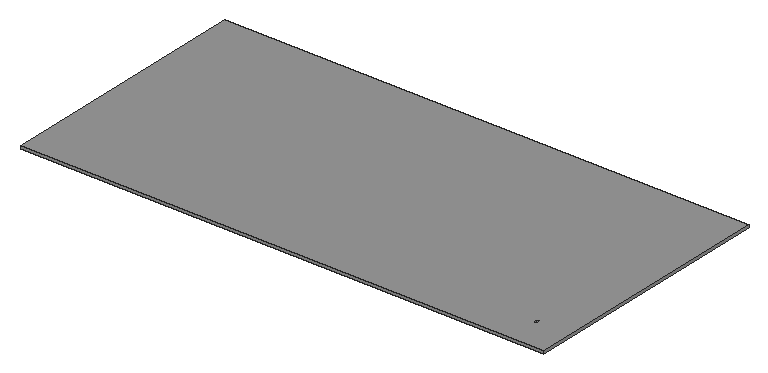
Revit family "OKB-FK 400 D800 Kanaldeckel blind", category Generic Models, Revit 2017
Family settings
  Can host rebar = No
  Round Connector Dimension = Use Diameter
  Part Type = Normal
  Work Plane-Based = No
  Always vertical = Yes
  Cut with Voids When Loaded = No
  Shared = No
  Room Calculation Point = No
Parameters (values of type "OKB-FK 400 D800")
  URL = "http://www.obo-bettermann.com"
  Material = Strip galvanised
  Manufacturer Art.No. = "7403625"
  Manufacturer = "OBO BETTERMANN"
  GTIN = "4012196690688"
  Article Type = "OKB-FK 400 D800"
Reference planes
  plane 1 "Center (Front/Back)": y = 0
  plane 2: z = 0
  plane 3 "Center (Left/Right)": x = 0
  plane 4: x = 800
  plane 5: y = 50
  plane 6: x = 750
Forms (mm)
  Extrusion 1, solid, material "Strip galvanised" <- "Material"
    sketch origin (0, 0, 0) x (0, 1, 0) y (0, 0, 1)
      loop
        line (0, 0) -> (391.5, 0) -> (391.5, 4) -> (0, 4) -> (0, 0)
    from 0 to 800
  Extrusion 2, void
    sketch origin (0, 0, 0) x (1, 0, 0) y (0, 1, 0)
      loop
        circle (750, 50) r 2.5
    from 0 to 4
Cuts and joins
  Extrusion 2 cuts Extrusion 1
Dimensions and locks
  locked: Extrusion 1 sketch curve to Extrusion 1 sketch curve at 4
  locked: Extrusion 1 sketch curve to Extrusion 1 sketch curve at 391.5
  locked: plane 3 "Center (Left/Right)" to Extrusion 1 at 800
  locked: plane 6 to Extrusion 2 sketch curve at 0
  locked: plane 6 to Extrusion 2 sketch curve at 2.5
  aligned and locked: level to plane 2
  aligned and locked: Extrusion 1 to level
  aligned and locked: plane 1 "Center (Front/Back)" to Extrusion 1
  aligned and locked: plane 4 to Extrusion 1
  aligned and locked: Extrusion 2 to level
  aligned and locked: Extrusion 1 to Extrusion 2
